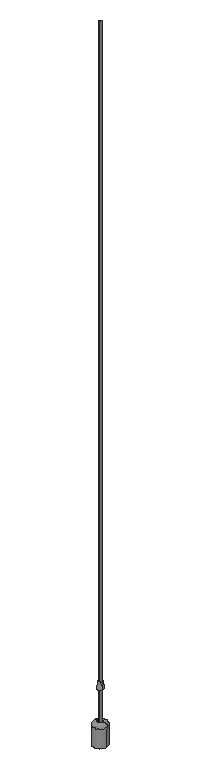
Revit family "Floral 400", category Lighting Fixtures, host Ceiling, Revit 2017
Family settings
  Host = Ceiling
  Round Connector Dimension = Use Diameter
  Part Type = Normal
  OmniClass Number = 23.80.70.11
  OmniClass Title = Luminaries for Internal Lighting
  Always vertical = Yes
  Cut with Voids When Loaded = No
  Light Source = Yes
  Shared = No
  Room Calculation Point = No
Parameters (values of type "Generic")
  Wattage Comments = "Max. 60 Watts. 110V(US) / 230-240V(EU). Lamp NOT provided."
  Wattage = 6.7321 W
  built-in parameter 1150110 = 1 (stored number, unit not read)
  URL = "https://www.davidtrubridge.com"
  Type Comments = "Ceilig Rose required, contact supplier for options."
  built-in parameter 1114217 = 1 (stored number, unit not read)
  built-in parameter 1150109 = 1 (stored number, unit not read)
  built-in parameter 1150134 = (empty or 0)
  Suspension Top [instance] = Suspension Mid - 200 mm  # 1800 mm
  built-in parameter 1150113 = 1 (stored number, unit not read)
  Model = "Floral 400"
  Manufacturer = "David Trubridge"
  Lumens = 1000 lm
  built-in parameter 1150115 = 1 (stored number, unit not read)
  built-in parameter 1150105 = 79.577 (stored number, unit not read)
  Suspension Mid [instance] = 2000 mm
  Light Source Symbol Size = 100 mm
  built-in parameter 1150137 = (empty or 0)
  built-in parameter 1150139 = (empty or 0)
  Lamp Wattage = 0 W
  built-in parameter 1150112 = 1 (stored number, unit not read)
  built-in parameter 1150114 = 1 (stored number, unit not read)
  Lamp = "E14 (EU) / E26 (USA)"
  built-in parameter 1150132 = 2
  built-in parameter 1150102 = (empty or 0)
  built-in parameter 1150138 = (empty or 0)
  built-in parameter 1150107 = 3000 (stored number, unit not read)
  built-in parameter 1150106 = 0.79577 (stored number, unit not read)
  built-in parameter 1150104 = 13.8 (stored number, unit not read)
  Dimming Lamp Color Temperature Shift = <None>
  Description = "Pendant in bamboo plywood. Can be made in a large range of colours. Lamp is not supplied"
  Cordset Finish = Plastic, Opaque White
  Color Filter = 16777215
  built-in parameter 1114218 = 1 (stored number, unit not read)
  built-in parameter 1150133 = 10 (stored number, unit not read)
  Apparent Load = 0 VA
Reference planes
  plane 1 "Light Source Axis (F/B)": y = 0
  plane 2: z = 0
  plane 3 "Light Source Axis (L/R)": x = 0
  plane 4 "Ceiling": z = 4180
  plane 5 "Light Source Elevation": z = 2180
  plane 6 "Top of pendant": z = 2380
  plane 7 "Light Socket": z = 2230
  plane 8 "Outer edge": x = -200.108
  plane 9 "Outer Edge": x = 199.892
  plane 10 "Bottom of Pendant": z = 1980
Forms (mm)
  Revolve 1, solid, material "Plastic, Opaque White" <- "Cordset Finish"
    sketch origin (0, 0, -205) x (1, 0, 0) y (0, 0, 1)
      loop
        line (0, 2497) -> (0, 2435) -> (20, 2435) -> (20, 2487)
        arc (20, 2487) -> (17.071, 2494.071) -> (10, 2497) r 10
        line (10, 2497) -> (0, 2497)
      axis (0, 2435) -> (0, 2497)
    angle from 0 to 360
  Extrusion 2, solid, material "Plastic, Opaque White" <- "Cordset Finish"
    sketch origin (0, 0, 3200) x (0, 1, 0) y (-1, 0, 0)
      loop
        circle (0, 0) r 3
    from -820 to 980
  Extrusion 3, solid, material "Plastic, Opaque White" <- "Cordset Finish"
    sketch origin (0, 0, 3200) x (0, 1, 0) y (-1, 0, 0)
      loop
        circle (0, 0) r 3
    from -970 to -820
  Revolve 4, solid, material "Plastic, Opaque White" <- "Cordset Finish"
    sketch origin (0, 0, -40) x (1, 0, 0) y (0, 0, 1)
      loop
        line (0, 2440) -> (0, 2420) -> (7.5, 2420) -> (5, 2440) -> (0, 2440)
      axis (0, 2420) -> (0, 2440)
    angle from 0 to 360
Dimensions and locks
  equal spacing: host sketch curve, plane 3 "Light Source Axis (L/R)", host sketch curve
  equal spacing: host sketch curve, plane 1 "Light Source Axis (F/B)", host sketch curve
  host sketch curve to host sketch curve = 4000 mm  (x2)
  host ceiling to plane 4 "Ceiling" = 180 mm
  plane 4 "Ceiling" to level = 4180 mm
  "Suspension Mid": plane 5 "Light Source Elevation" to plane 4 "Ceiling"
  locked: plane 5 "Light Source Elevation" to plane 6 "Top of pendant" at 200
  locked: plane 5 "Light Source Elevation" to plane 7 "Light Socket" at 50
  plane 9 "Outer Edge" to plane 8 "Outer edge" = 400 mm
  plane 8 "Outer edge" to plane 9 "Outer Edge" = 400 mm
  plane 10 "Bottom of Pendant" to plane 6 "Top of pendant" = 400 mm
  aligned and locked: plane 3 "Light Source Axis (L/R)" to imposter light
  aligned and locked: plane 1 "Light Source Axis (F/B)" to imposter light
  aligned and locked: plane 5 "Light Source Elevation" to imposter light
  aligned and locked: Extrusion 2 to plane 6 "Top of pendant"
  aligned and locked: Extrusion 3 to Revolve 1
  aligned and locked: plane 7 "Light Socket" to Extrusion 3
  aligned and locked: level to plane 2
  aligned and locked: Extrusion 3 to plane 6 "Top of pendant"
  aligned and locked: Extrusion 2 to plane 4 "Ceiling"
  aligned and locked: import instance to plane 6 "Top of pendant"
Automatic sketch dimensions
  Revolve 1 sketch curve to plane 3 "Light Source Axis (L/R)" = 0 mm
  plane 3 "Light Source Axis (L/R)" to Revolve 1 sketch curve = 0 mm
  plane 3 "Light Source Axis (L/R)" to Revolve 1 sketch curve = 10 mm
  Revolve 1 sketch curve to Revolve 1 sketch curve = 20 mm
  Revolve 1 sketch curve to plane 5 "Light Source Elevation" = 50 mm
  Revolve 1 sketch curve to Revolve 1 sketch curve = 52 mm
  Revolve 1 sketch curve to level = 563.228 mm
  Revolve 1 sketch curve to plane 4 "Ceiling" = 157.185 mm
  plane 1 "Light Source Axis (F/B)" to Extrusion 2 sketch curve = 0 mm
  Extrusion 2 sketch curve to plane 3 "Light Source Axis (L/R)" = 0 mm
  plane 1 "Light Source Axis (F/B)" to Extrusion 3 sketch curve = 0 mm
  Extrusion 3 sketch curve to plane 3 "Light Source Axis (L/R)" = 0 mm
  Revolve 4 sketch curve to plane 3 "Light Source Axis (L/R)" = 0 mm  (x2)
  Revolve 4 sketch curve to plane 6 "Top of pendant" = 0 mm
  plane 3 "Light Source Axis (L/R)" to Revolve 4 sketch curve = 5 mm
  plane 3 "Light Source Axis (L/R)" to Revolve 4 sketch curve = 7.5 mm
  Revolve 4 sketch curve to plane 6 "Top of pendant" = 20 mm
  Revolve 4 sketch curve to level = 344.8 mm
  plane 4 "Ceiling" to Revolve 4 sketch curve = 40 mm
  radius of Extrusion 2 sketch curve = 3 mm
  radius of Extrusion 3 sketch curve = 3 mm
Connectors
  electrical at (0, 0, 4180)
    settings: index 1, voltage 0 V, apparent load 0 VA, apparent load phase1 0 VA, apparent load phase2 0 VA, apparent load phase3 0 VA, power factor 1, load classification "Other", number of poles 1, system type 30, power factor state 0, is connector primary yes, connector utility no, sub classification motor no, connector description ""
